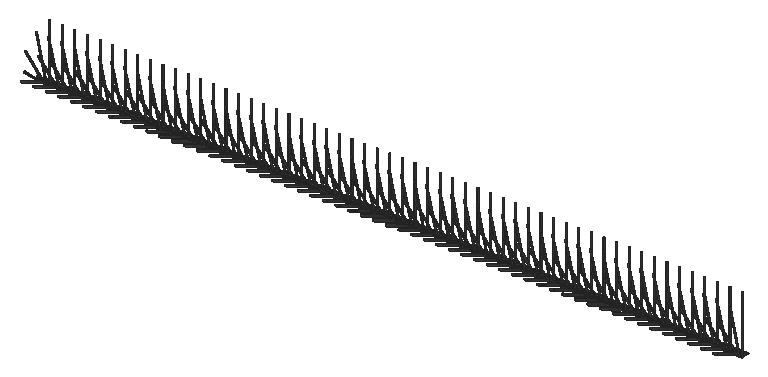
Revit family "Speciality_Equipment-Nixalite-Bird_Barrier_Strips_Model-H", category Specialty Equipment, host Face, Revit 2012
Parameters (values of type "4 Foot Strip")
  URL = "http://www.nixalite.com/default.aspx"
  Strip Material = Metal - Nixalite - Stainless Steel - Black
  Spike Material = Metal - Nixalite - Stainless Steel - Black
  Soft Tip Option = yes
  Product Page URL = "http://www.nixalite.com/nixalitemodels.aspx#Premium_Model_H"
  Product Documentation Link = "http://www.nixalite.com/PDFs/installingmodelhnixalite.pdf"
  Model = "H"
  Manufacturer = "Nixalite"
  Description = "Premium Bird Barrier Strips"
  Default Elevation = 4' - 0"
  Assembly Code = "E1090900"
  4 Foot Strip Visibility = not([2 Foot Strip Visibility])  # yes
  4 Foot Strip = 4' - 0"
  2 Foot Strip Visibility = no
  2 Foot Strip = 2' - 0"
Types (3): name | Product Page URL | Product Documentation Link | Model | 4 Foot Strip Visibility | 2 Foot Strip Visibility
  (no name) | "http://www.nixalite.com/nixalitemodels.aspx#Premium_Model_H" | "http://www.nixalite.com/PDFs/installingmodelhnixalite.pdf" | "H" | yes | no
  4 Foot Strip | "http://www.nixalite.com/nixalitemodels.aspx#Premium_Model_H" | "http://www.nixalite.com/PDFs/installingmodelhnixalite.pdf" | "H" | yes | no
  2 Foot Strip | "http://www.nixalite.com/nixalitemodels.aspx#Premium_Model_S" | "http://www.nixalite.com/PDFs/Nixalite%20Strip%20CSI.pdf" | "S" | no | yes
Reference planes (in)
  plane 1 "Center (Front/Back)": y = 0
  plane 2: z = 0
  plane 3 "Center (Left/Right)": x = 0
  plane 4: x = 24
  plane 5: x = -24
  plane 6: x = -22.28125
  plane 7: x = -12
  plane 8: x = 12
  plane 9: x = -23.14062
  plane 10: x = -22.28125
  plane 11: x = -21.42187
  plane 12: x = -20.5625
  plane 13: x = -19.70312
  plane 14: x = -18.84375
  plane 15: x = -17.98437
  plane 16: x = -17.125
  plane 17: x = -16.26562
  plane 18: x = -15.40625
  plane 19: x = -14.54687
  plane 20: x = -13.6875
  plane 21: x = -12.82813
  plane 22: x = -11.96875
  plane 23: x = -11.10938
  plane 24: x = -10.25
  plane 25: x = -9.39063
  plane 26: x = -8.53125
  plane 27: x = -7.67188
  plane 28: x = -6.8125
  plane 29: x = -5.95313
  plane 30: x = -5.09375
  plane 31: x = -4.23438
  plane 32: x = -3.375
  plane 33: x = -2.51563
  plane 34: x = -1.65625
  plane 35: x = -0.79688
  plane 36: x = 0.0625
  plane 37: x = 0.92187
  plane 38: x = 1.78125
  plane 39: x = 2.64062
  plane 40: x = 3.5
  plane 41: x = 4.35937
  plane 42: x = 5.21875
  plane 43: x = 6.07812
  plane 44: x = 6.9375
  plane 45: x = 7.79687
  plane 46: x = 8.65625
  plane 47: x = 9.51562
  plane 48: x = 10.375
  plane 49: x = 11.23437
  plane 50: x = 12.09375
  plane 51: x = 12.95312
  plane 52: x = 13.8125
  plane 53: x = 14.67187
  plane 54: x = 15.53125
  plane 55: x = 16.39062
  plane 56: x = 17.25
  plane 57: x = 18.10937
  plane 58: x = 18.96875
  plane 59: x = 19.82812
  plane 60: x = 20.6875
  plane 61: x = 21.54687
  plane 62: x = 22.40625
  plane 63: x = 23.26562
  plane 64: z = 0.06321
  plane 65: z = 0.09446
  plane 66: y = -0.15087
  plane 67: y = 0.15087
  plane 68: y = -2.04477
  plane 69: y = 0.23695
Forms (in)
  Extrusion 1, solid, material "Metal - Nixalite - Stainless Steel - Black" <- "Strip Material"
    sketch origin (0, 0, 0) x (0, 1, 0) y (0, 0, 1)
      loop
        line (0.15087, 0.09446) -> (-0.15087, 0.09446) -> (-0.15087, 0.06321) -> (0.15087, 0.06321) -> (0.15087, 0.09446)
    from -12 to 12
  Extrusion 2, solid, material "Metal - Nixalite - Stainless Steel - Black" <- "Strip Material", visible <- "4 Foot Strip Visibility"
    sketch origin (-21.25, 0.02101, 0) x (0, 1, 0) y (0, 0, 1)
      loop
        line (0.12986, 0.09446) -> (-0.17188, 0.09446) -> (-0.17188, 0.06321) -> (0.12986, 0.06321) -> (0.12986, 0.09446)
    from -2.75 to 9.25
  Extrusion 3, solid, material "Metal - Nixalite - Stainless Steel - Black" <- "Strip Material", visible <- "4 Foot Strip Visibility"
    sketch origin (21.25, 0.02101, 0) x (0, 1, 0) y (0, 0, -1)
      loop
        line (0.12986, -0.09446) -> (0.12986, -0.06321) -> (-0.17188, -0.06321) -> (-0.17188, -0.09446) -> (0.12986, -0.09446)
    from -2.75 to 9.25
Lines and regions (in)
  Masking region 1, visible <- "4 Foot Strip Visibility", detail levels medium+fine
    outline origin (0, 0, 0) x (1, 0, 0) y (0, 1, 0)
      loop
        line (24, 0.15087) -> (-24, 0.15087) -> (-24, -0.15087) -> (24, -0.15087) -> (24, 0.15087)
  Masking region 2, detail levels medium+fine
    outline origin (0, 0, 0) x (1, 0, 0) y (0, 1, 0)
      loop
        line (-12, 0.15087) -> (-12, -0.15087) -> (12, -0.15087) -> (12, 0.15087) -> (-12, 0.15087)
  Masking region 3, visible <- "4 Foot Strip Visibility", detail levels coarse
    outline origin (0, 0, 0) x (1, 0, 0) y (0, 1, 0)
      loop
        line (-24, 0.23695) -> (-24, -2.04477) -> (24, -2.04477) -> (24, 0.23695) -> (-24, 0.23695)
  Masking region 4, visible <- "2 Foot Strip Visibility", detail levels coarse
    outline origin (0, 0, 0) x (1, 0, 0) y (0, 1, 0)
      loop
        line (-12, 0.23695) -> (-12, -2.04477) -> (12, -2.04477) -> (12, 0.23695) -> (-12, 0.23695)
Dimensions and locks (in)
  "4 Foot Strip": plane 5 to plane 4
  equal spacing: plane 5, plane 3 "Center (Left/Right)", plane 4
  equal spacing: plane 7, plane 3 "Center (Left/Right)", plane 8
  "2 Foot Strip": plane 7 to plane 8
  plane 64 to plane 65 = 0' - 0 1/32"
  equal spacing: plane 67, plane 1 "Center (Front/Back)", plane 66
  plane 67 to plane 66 = 0' - 0.30174"
  aligned and locked: plane 2 to host face
  aligned and locked: level to host face
  aligned and locked: plane 5 to nested 1
  aligned and locked: plane 1 "Center (Front/Back)" to nested 2
  aligned and locked: nested 3 to plane 10
  aligned and locked: plane 1 "Center (Front/Back)" to nested 3
  aligned and locked: plane 1 "Center (Front/Back)" to nested 4
  aligned and locked: plane 1 "Center (Front/Back)" to nested 5
  aligned and locked: plane 1 "Center (Front/Back)" to nested 6
  aligned and locked: plane 1 "Center (Front/Back)" to nested 7
  aligned and locked: plane 1 "Center (Front/Back)" to nested 8
  aligned and locked: plane 1 "Center (Front/Back)" to nested 9
  aligned and locked: plane 1 "Center (Front/Back)" to nested 10
  aligned and locked: plane 1 "Center (Front/Back)" to nested 11
  aligned and locked: plane 1 "Center (Front/Back)" to nested 12
  aligned and locked: plane 1 "Center (Front/Back)" to nested 13
  aligned and locked: plane 1 "Center (Front/Back)" to nested 14
  aligned and locked: plane 1 "Center (Front/Back)" to nested 15
  aligned and locked: plane 1 "Center (Front/Back)" to nested 16
  aligned and locked: plane 1 "Center (Front/Back)" to nested 17
  aligned and locked: plane 1 "Center (Front/Back)" to nested 18
  aligned and locked: plane 1 "Center (Front/Back)" to nested 19
  aligned and locked: plane 1 "Center (Front/Back)" to nested 20
  aligned and locked: plane 1 "Center (Front/Back)" to nested 21
  aligned and locked: plane 1 "Center (Front/Back)" to nested 22
  aligned and locked: plane 1 "Center (Front/Back)" to nested 23
  aligned and locked: plane 1 "Center (Front/Back)" to nested 24
  aligned and locked: plane 1 "Center (Front/Back)" to nested 25
  aligned and locked: plane 1 "Center (Front/Back)" to nested 26
  aligned and locked: plane 1 "Center (Front/Back)" to nested 27
  aligned and locked: plane 1 "Center (Front/Back)" to nested 28
  aligned and locked: plane 1 "Center (Front/Back)" to nested 29
  aligned and locked: plane 1 "Center (Front/Back)" to nested 30
  aligned and locked: plane 1 "Center (Front/Back)" to nested 31
  aligned and locked: plane 1 "Center (Front/Back)" to nested 32
  aligned and locked: plane 1 "Center (Front/Back)" to nested 33
  aligned and locked: plane 1 "Center (Front/Back)" to nested 34
  aligned and locked: plane 1 "Center (Front/Back)" to nested 35
  aligned and locked: plane 1 "Center (Front/Back)" to nested 36
  aligned and locked: plane 1 "Center (Front/Back)" to nested 37
  aligned and locked: plane 1 "Center (Front/Back)" to nested 38
  aligned and locked: plane 1 "Center (Front/Back)" to nested 39
  aligned and locked: plane 1 "Center (Front/Back)" to nested 40
  aligned and locked: plane 1 "Center (Front/Back)" to nested 41
  aligned and locked: plane 1 "Center (Front/Back)" to nested 42
  aligned and locked: plane 1 "Center (Front/Back)" to nested 43
  aligned and locked: plane 1 "Center (Front/Back)" to nested 44
  aligned and locked: plane 1 "Center (Front/Back)" to nested 45
  aligned and locked: plane 1 "Center (Front/Back)" to nested 46
  aligned and locked: plane 1 "Center (Front/Back)" to nested 48
  aligned and locked: plane 1 "Center (Front/Back)" to nested 47
  aligned and locked: plane 1 "Center (Front/Back)" to nested 49
  aligned and locked: plane 1 "Center (Front/Back)" to nested 51
  aligned and locked: plane 1 "Center (Front/Back)" to nested 52
  aligned and locked: plane 1 "Center (Front/Back)" to nested 54
  aligned and locked: plane 1 "Center (Front/Back)" to nested 56
  aligned and locked: plane 1 "Center (Front/Back)" to nested 50
  aligned and locked: plane 1 "Center (Front/Back)" to nested 53
  aligned and locked: plane 1 "Center (Front/Back)" to nested 55
  aligned and locked: nested 2 to plane 9
  aligned and locked: nested 4 to plane 11
  aligned and locked: nested 5 to plane 12
  aligned and locked: nested 6 to plane 13
  aligned and locked: nested 7 to plane 14
  aligned and locked: nested 8 to plane 15
  aligned and locked: nested 9 to plane 16
  aligned and locked: nested 10 to plane 17
  aligned and locked: nested 11 to plane 18
  aligned and locked: nested 12 to plane 19
  aligned and locked: nested 13 to plane 20
  aligned and locked: nested 14 to plane 21
  aligned and locked: nested 15 to plane 22
  aligned and locked: nested 16 to plane 23
  aligned and locked: nested 17 to plane 24
  aligned and locked: nested 18 to plane 25
  aligned and locked: nested 19 to plane 26
  aligned and locked: nested 20 to plane 27
  aligned and locked: nested 21 to plane 28
  aligned and locked: nested 22 to plane 29
  aligned and locked: nested 23 to plane 30
  aligned and locked: nested 26 to plane 33
  aligned and locked: nested 27 to plane 34
  aligned and locked: nested 28 to plane 35
  aligned and locked: nested 30 to plane 37
  aligned and locked: nested 31 to plane 38
  aligned and locked: nested 32 to plane 39
  aligned and locked: nested 33 to plane 40
  aligned and locked: nested 34 to plane 41
  aligned and locked: nested 35 to plane 42
  aligned and locked: nested 36 to plane 43
  aligned and locked: nested 37 to plane 44
  aligned and locked: nested 39 to plane 46
  aligned and locked: nested 40 to plane 47
  aligned and locked: nested 41 to plane 48
  aligned and locked: nested 42 to plane 49
  aligned and locked: nested 43 to plane 50
  aligned and locked: nested 44 to plane 51
  aligned and locked: nested 45 to plane 52
  aligned and locked: nested 46 to plane 53
  aligned and locked: nested 47 to plane 54
  aligned and locked: nested 48 to plane 55
  aligned and locked: nested 49 to plane 56
  aligned and locked: nested 50 to plane 57
  aligned and locked: nested 52 to plane 59
  aligned and locked: nested 53 to plane 60
  aligned and locked: nested 54 to plane 61
  aligned and locked: nested 55 to plane 62
  aligned and locked: plane 67 to Extrusion 1 sketch curve
  aligned and locked: plane 65 to Extrusion 1 sketch curve
  aligned and locked: plane 64 to Extrusion 1 sketch curve
  aligned and locked: plane 66 to Extrusion 1 sketch curve
  aligned and locked: Extrusion 1 to plane 7
  aligned and locked: plane 8 to Extrusion 1
  aligned and locked: plane 66 to Extrusion 2
  aligned and locked: Extrusion 2 to plane 67
  aligned and locked: plane 7 to Extrusion 2
  aligned and locked: Extrusion 2 to plane 5
  aligned and locked: Extrusion 2 to plane 65
  aligned and locked: plane 64 to Extrusion 2
  aligned and locked: Extrusion 3 to plane 8
  aligned and locked: Extrusion 3 to plane 67
  aligned and locked: plane 66 to Extrusion 3
  aligned and locked: plane 4 to Extrusion 3
  aligned and locked: Extrusion 3 to plane 65
  aligned and locked: plane 64 to Extrusion 3
  aligned and locked: Masking region 1 sketch curve to plane 4
  aligned and locked: Masking region 1 sketch curve to plane 66
  aligned and locked: Masking region 1 sketch curve to plane 67
  aligned and locked: Masking region 1 sketch curve to plane 5
  aligned and locked: Masking region 2 sketch curve to plane 7
  aligned and locked: Masking region 2 sketch curve to plane 66
  aligned and locked: Masking region 2 sketch curve to plane 67
  aligned and locked: Masking region 2 sketch curve to plane 8
  aligned and locked: Masking region 3 sketch curve to plane 5
  aligned and locked: Masking region 3 sketch curve to plane 68
  aligned and locked: Masking region 3 sketch curve to plane 4
  aligned and locked: Masking region 4 sketch curve to plane 7
  aligned and locked: Masking region 4 sketch curve to plane 68
  aligned and locked: Masking region 4 sketch curve to plane 8
  aligned and locked: plane 69 to Masking region 3
  aligned and locked: plane 69 to Masking region 4
Automatic sketch dimensions
  host sketch curve to host sketch curve = 8' - 0"  (x2)
  plane 65 to Extrusion 2 sketch curve = 0' - 0"
  Extrusion 2 sketch curve to plane 66 = 0' - 0"
  plane 64 to Extrusion 2 sketch curve = 0' - 0"
  Extrusion 2 sketch curve to plane 67 = 0' - 0"
  Extrusion 3 sketch curve to plane 65 = 0' - 0"
  Extrusion 3 sketch curve to plane 66 = 0' - 0"
  plane 64 to Extrusion 3 sketch curve = 0' - 0"
  Extrusion 3 sketch curve to plane 67 = 0' - 0"
  plane 69 to Masking region 3 sketch curve = 0' - 0"
  plane 69 to Masking region 4 sketch curve = 0' - 0"
Nested families (in)
  nested 1: "Premium Bird Barrier Strips Model H Module" at (-24, 0, 0), visible <- "4 Foot Strip Visibility", type "Premium Bird Barrier Strips Model H Module"
  nested 2: "Premium Bird Barrier Strips Model H Module" at (-23.14063, 0, 0), visible <- "4 Foot Strip Visibility", type "Premium Bird Barrier Strips Model H Module"
  nested 3: "Premium Bird Barrier Strips Model H Module" at (-22.28125, 0, 0), visible <- "4 Foot Strip Visibility", type "Premium Bird Barrier Strips Model H Module"
  nested 4: "Premium Bird Barrier Strips Model H Module" at (-21.42188, 0, 0), visible <- "4 Foot Strip Visibility", type "Premium Bird Barrier Strips Model H Module"
  nested 5: "Premium Bird Barrier Strips Model H Module" at (-20.5625, 0, 0), visible <- "4 Foot Strip Visibility", type "Premium Bird Barrier Strips Model H Module"
  nested 6: "Premium Bird Barrier Strips Model H Module" at (-19.70313, 0, 0), visible <- "4 Foot Strip Visibility", type "Premium Bird Barrier Strips Model H Module"
  nested 7: "Premium Bird Barrier Strips Model H Module" at (-18.84375, 0, 0), visible <- "4 Foot Strip Visibility", type "Premium Bird Barrier Strips Model H Module"
  nested 8: "Premium Bird Barrier Strips Model H Module" at (-17.98438, 0, 0), visible <- "4 Foot Strip Visibility", type "Premium Bird Barrier Strips Model H Module"
  nested 9: "Premium Bird Barrier Strips Model H Module" at (-17.125, 0, 0), visible <- "4 Foot Strip Visibility", type "Premium Bird Barrier Strips Model H Module"
  nested 10: "Premium Bird Barrier Strips Model H Module" at (-16.26563, 0, 0), visible <- "4 Foot Strip Visibility", type "Premium Bird Barrier Strips Model H Module"
  nested 11: "Premium Bird Barrier Strips Model H Module" at (-15.40625, 0, 0), visible <- "4 Foot Strip Visibility", type "Premium Bird Barrier Strips Model H Module"
  nested 12: "Premium Bird Barrier Strips Model H Module" at (-14.54688, 0, 0), visible <- "4 Foot Strip Visibility", type "Premium Bird Barrier Strips Model H Module"
  nested 13: "Premium Bird Barrier Strips Model H Module" at (-13.6875, 0, 0), visible <- "4 Foot Strip Visibility", type "Premium Bird Barrier Strips Model H Module"
  nested 14: "Premium Bird Barrier Strips Model H Module" at (-12.82813, 0, 0), visible <- "4 Foot Strip Visibility", type "Premium Bird Barrier Strips Model H Module"
  nested 15: "Premium Bird Barrier Strips Model H Module" at (-11.96875, 0, 0), type "Premium Bird Barrier Strips Model H Module"
  nested 16: "Premium Bird Barrier Strips Model H Module" at (-11.10938, 0, 0), type "Premium Bird Barrier Strips Model H Module"
  nested 17: "Premium Bird Barrier Strips Model H Module" at (-10.25, 0, 0), type "Premium Bird Barrier Strips Model H Module"
  nested 18: "Premium Bird Barrier Strips Model H Module" at (-9.39063, 0, 0), type "Premium Bird Barrier Strips Model H Module"
  nested 19: "Premium Bird Barrier Strips Model H Module" at (-8.53125, 0, 0), type "Premium Bird Barrier Strips Model H Module"
  nested 20: "Premium Bird Barrier Strips Model H Module" at (-7.67188, 0, 0), type "Premium Bird Barrier Strips Model H Module"
  nested 21: "Premium Bird Barrier Strips Model H Module" at (-6.8125, 0, 0), type "Premium Bird Barrier Strips Model H Module"
  nested 22: "Premium Bird Barrier Strips Model H Module" at (-5.95313, 0, 0), type "Premium Bird Barrier Strips Model H Module"
  nested 23: "Premium Bird Barrier Strips Model H Module" at (-5.09375, 0, 0), type "Premium Bird Barrier Strips Model H Module"
  nested 24: "Premium Bird Barrier Strips Model H Module" at (-4.23438, 0, 0), type "Premium Bird Barrier Strips Model H Module"
  nested 25: "Premium Bird Barrier Strips Model H Module" at (-3.375, 0, 0), type "Premium Bird Barrier Strips Model H Module"
  nested 26: "Premium Bird Barrier Strips Model H Module" at (-2.51563, 0, 0), type "Premium Bird Barrier Strips Model H Module"
  nested 27: "Premium Bird Barrier Strips Model H Module" at (-1.65625, 0, 0), type "Premium Bird Barrier Strips Model H Module"
  nested 28: "Premium Bird Barrier Strips Model H Module" at (-0.79688, 0, 0), type "Premium Bird Barrier Strips Model H Module"
  nested 29: "Premium Bird Barrier Strips Model H Module" at (0.0625, 0, 0), type "Premium Bird Barrier Strips Model H Module"
  nested 30: "Premium Bird Barrier Strips Model H Module" at (0.92187, 0, 0), type "Premium Bird Barrier Strips Model H Module"
  nested 31: "Premium Bird Barrier Strips Model H Module" at (1.78125, 0, 0), type "Premium Bird Barrier Strips Model H Module"
  nested 32: "Premium Bird Barrier Strips Model H Module" at (2.64062, 0, 0), type "Premium Bird Barrier Strips Model H Module"
  nested 33: "Premium Bird Barrier Strips Model H Module" at (3.5, 0, 0), type "Premium Bird Barrier Strips Model H Module"
  nested 34: "Premium Bird Barrier Strips Model H Module" at (4.35937, 0, 0), type "Premium Bird Barrier Strips Model H Module"
  nested 35: "Premium Bird Barrier Strips Model H Module" at (5.21875, 0, 0), type "Premium Bird Barrier Strips Model H Module"
  nested 36: "Premium Bird Barrier Strips Model H Module" at (6.07812, 0, 0), type "Premium Bird Barrier Strips Model H Module"
  nested 37: "Premium Bird Barrier Strips Model H Module" at (6.9375, 0, 0), type "Premium Bird Barrier Strips Model H Module"
  nested 38: "Premium Bird Barrier Strips Model H Module" at (7.79687, 0, 0), type "Premium Bird Barrier Strips Model H Module"
  nested 39: "Premium Bird Barrier Strips Model H Module" at (8.65625, 0, 0), type "Premium Bird Barrier Strips Model H Module"
  nested 40: "Premium Bird Barrier Strips Model H Module" at (9.51562, 0, 0), type "Premium Bird Barrier Strips Model H Module"
  nested 41: "Premium Bird Barrier Strips Model H Module" at (10.375, 0, 0), type "Premium Bird Barrier Strips Model H Module"
  nested 42: "Premium Bird Barrier Strips Model H Module" at (11.23437, 0, 0), type "Premium Bird Barrier Strips Model H Module"
  nested 43: "Premium Bird Barrier Strips Model H Module" at (12.09375, 0, 0), visible <- "4 Foot Strip Visibility", type "Premium Bird Barrier Strips Model H Module"
  nested 44: "Premium Bird Barrier Strips Model H Module" at (12.95312, 0, 0), visible <- "4 Foot Strip Visibility", type "Premium Bird Barrier Strips Model H Module"
  nested 45: "Premium Bird Barrier Strips Model H Module" at (13.8125, 0, 0), visible <- "4 Foot Strip Visibility", type "Premium Bird Barrier Strips Model H Module"
  nested 46: "Premium Bird Barrier Strips Model H Module" at (14.67187, 0, 0), visible <- "4 Foot Strip Visibility", type "Premium Bird Barrier Strips Model H Module"
  nested 47: "Premium Bird Barrier Strips Model H Module" at (15.53125, 0, 0), visible <- "4 Foot Strip Visibility", type "Premium Bird Barrier Strips Model H Module"
  nested 48: "Premium Bird Barrier Strips Model H Module" at (16.39062, 0, 0), visible <- "4 Foot Strip Visibility", type "Premium Bird Barrier Strips Model H Module"
  nested 49: "Premium Bird Barrier Strips Model H Module" at (17.25, 0, 0), visible <- "4 Foot Strip Visibility", type "Premium Bird Barrier Strips Model H Module"
  nested 50: "Premium Bird Barrier Strips Model H Module" at (18.10937, 0, 0), visible <- "4 Foot Strip Visibility", type "Premium Bird Barrier Strips Model H Module"
  nested 51: "Premium Bird Barrier Strips Model H Module" at (18.96875, 0, 0), visible <- "4 Foot Strip Visibility", type "Premium Bird Barrier Strips Model H Module"
  nested 52: "Premium Bird Barrier Strips Model H Module" at (19.82812, 0, 0), visible <- "4 Foot Strip Visibility", type "Premium Bird Barrier Strips Model H Module"
  nested 53: "Premium Bird Barrier Strips Model H Module" at (20.6875, 0, 0), visible <- "4 Foot Strip Visibility", type "Premium Bird Barrier Strips Model H Module"
  nested 54: "Premium Bird Barrier Strips Model H Module" at (21.54687, 0, 0), visible <- "4 Foot Strip Visibility", type "Premium Bird Barrier Strips Model H Module"
  nested 55: "Premium Bird Barrier Strips Model H Module" at (22.40625, 0, 0), visible <- "4 Foot Strip Visibility", type "Premium Bird Barrier Strips Model H Module"
  nested 56: "Premium Bird Barrier Strips Model H Module" at (23.26562, 0, 0), visible <- "4 Foot Strip Visibility", type "Premium Bird Barrier Strips Model H Module"
Definition of nested family "Premium Bird Barrier Strips Model H Module"
  Parameters (values of type "Premium Bird Barrier Strips Model H Module")
    Width = 0' - 0 11/64"
    W = 0' - 0 1/4"
    Spike Material = Metal - Nixalite - Stainless Steel - Black
    Default Elevation = 4' - 0"
  Reference planes (in)
    plane 1 "Center (Front/Back)": y = 0
    plane 2: z = 0
    plane 3 "Center (Left/Right)": x = 0
    plane 4: y = 0.125
    plane 5: y = -0.125
    plane 6: z = 0.90295
    plane 7: z = 1.19797
    plane 8: z = 2.71687
    plane 9: z = 3.62745
    plane 10: z = 4.01301
    plane 11: x = 0.17188
    plane 12: x = 0.34375
    plane 13: x = 0.51563
    plane 14: x = 0.6875
    plane 15: y = 0
    plane 16: x = 0
    plane 17: x = 0.85938
    plane 18: z = 0
  Forms (in)
    Extrusion 1, solid
      sketch origin (0, 0, 0) x (1, 0, 0) y (0, 1, 0)
        loop
          line (-48, 48) -> (-48, -48) -> (48, -48) -> (48, 48) -> (-48, 48)
      from 0 to -12
    Sweep 2, solid, material "Metal - Nixalite - Stainless Steel - Black" <- "Spike Material"
      path in 3D
        loop
          line (0.03163, 0.22964, 0.06139) -> (0.03163, -0.20124, 0.06139) -> (0.03163, -1.47954, 1.19797)
      profile origin (0.03163, 0.0142, 0.06139) x (0, 0, -1) y (1, 0, 0)
        loop
          circle (0.03007, 0) r 0.03163
    Sweep 3, solid, material "Metal - Nixalite - Stainless Steel - Black" <- "Spike Material"
      path in 3D
        loop
          line (0.2035, 0.23695, 0.06139) -> (0.2035, -0.24444, 0.06139) -> (0.2035, -2.01832, 0.90295)
      profile origin (0.2035, -0.00375, 0.06139) x (0, 0, -1) y (1, 0, 0)
        loop
          circle (0.03007, 0) r 0.03163
    Sweep 4, solid, material "Metal - Nixalite - Stainless Steel - Black" <- "Spike Material"
      path in 3D
        loop
          line (0.37538, 0.23695, 0.06139) -> (0.37538, -0.22964, 0.06139) -> (0.37538, -1.82521, 2.71687)
      profile origin (0.37538, 0.00365, 0.06139) x (0, 0, -1) y (1, 0, 0)
        loop
          circle (0.03007, 0) r 0.03163
    Sweep 5, solid, material "Metal - Nixalite - Stainless Steel - Black" <- "Spike Material"
      path in 3D
        loop
          line (0.54725, 0.22964, 0.06139) -> (0.54725, -0.22964, 0.06139) -> (0.54725, -1.1249, 3.62745)
      profile origin (0.54725, 0, 0.06139) x (0, 0, -1) y (1, 0, 0)
        loop
          circle (0.03007, 0) r 0.03163
    Sweep 6, solid, material "Metal - Nixalite - Stainless Steel - Black" <- "Spike Material"
      path in 3D
        loop
          line (0.71913, 0.23695, 0.06139) -> (0.71913, -0.19742, 0.06139) -> (0.71913, -0.19742, 4.01301)
      profile origin (0.71913, 0.01977, 0.06139) x (0, 0, -1) y (1, 0, 0)
        loop
          circle (0.03007, 0) r 0.03163
  Lines and regions (in)
    Masking region 1, detail levels medium+fine
      outline origin (0, 0, 0) x (1, 0, 0) y (0, 1, 0)
        loop
          arc (0, -1.50301) -> (0.03139, -1.52186) -> (0.06279, -1.50301) r 0.03557
          line (0.06279, -1.50301) -> (0.06279, 0.23695) -> (0, 0.23695) -> (0, -1.50301)
        loop
          arc (0.17188, -2.03081) -> (0.2035, -2.04477) -> (0.23513, -2.03081) r 0.04281
          line (0.23513, -2.03081) -> (0.23513, 0.23695) -> (0.17188, 0.23695) -> (0.17188, -2.03081)
        loop
          arc (0.34375, -1.86674) -> (0.37538, -1.8807) -> (0.40701, -1.86674) r 0.04281
          line (0.40701, -1.86674) -> (0.40701, 0.23695) -> (0.34375, 0.23695) -> (0.34375, -1.86674)
        loop
          arc (0.51563, -1.16707) -> (0.54702, -1.18592) -> (0.57841, -1.16707) r 0.03557
          line (0.57841, -1.16707) -> (0.57841, 0.23695) -> (0.51563, 0.23695) -> (0.51563, -1.16707)
        loop
          line (0.74997, 0.23695) -> (0.68829, 0.23695) -> (0.68829, -0.24162)
          arc (0.68829, -0.24162) -> (0.71913, -0.25912) -> (0.74997, -0.24162) r 0.03593
          line (0.74997, -0.24162) -> (0.74997, 0.23695)
    sketch lines
      curve 1: line (0.03163, 0.22964, 0.06139) -> (0.03163, -0.20124, 0.06139)
      curve 2: line (0.03163, -1.47954, 1.19797) -> (0.03163, -0.20124, 0.06139)
      curve 3: line (0.2035, 0.23695, 0.06139) -> (0.2035, -0.24444, 0.06139)
      curve 4: line (0.2035, -0.24444, 0.06139) -> (0.2035, -2.01832, 0.90295)
      curve 5: line (0.37538, 0.23695, 0.06139) -> (0.37538, -0.22964, 0.06139)
      curve 6: line (0.37538, -1.82521, 2.71687) -> (0.37538, -0.22964, 0.06139)
      curve 7: line (0.54725, 0.22964, 0.06139) -> (0.54725, -0.22964, 0.06139)
      curve 8: line (0.54725, -1.1249, 3.62745) -> (0.54725, -0.22964, 0.06139)
      curve 9: line (0.71913, 0.23695, 0.06139) -> (0.71913, -0.19742, 0.06139)
      curve 10: line (0.71913, -0.19742, 0.06139) -> (0.71913, -0.19742, 4.01301)
  Dimensions and locks (in)
    equal spacing: plane 4, plane 1 "Center (Front/Back)", plane 5
    "W": plane 4 to plane 5
    "Width": plane 3 "Center (Left/Right)" to plane 11
    "Width": plane 11 to plane 12
    "Width": plane 12 to plane 13
    "Width": plane 13 to plane 14
    "Width": plane 14 to plane 17
    aligned and locked: plane 2 to Extrusion 1
    aligned and locked: level to Extrusion 1
    aligned and locked: plane 15 to plane 1 "Center (Front/Back)"
    aligned and locked: plane 3 "Center (Left/Right)" to plane 16
    aligned and locked: level to plane 18
  Automatic sketch dimensions
    Extrusion 1 sketch curve to Extrusion 1 sketch curve = 8' - 0"  (x2)
    Sweep 2 sketch curve to profile plane = 0' - 0"
    Sweep 2 sketch curve to profile plane = 0' - 0.03007"
    Sweep 3 sketch curve to profile plane = 0' - 0"
    Sweep 3 sketch curve to profile plane = 0' - 0.03007"
    Sweep 4 sketch curve to profile plane = 0' - 0"
    Sweep 4 sketch curve to profile plane = 0' - 0.03007"
    Sweep 5 sketch curve to profile plane = 0' - 0"
    Sweep 5 sketch curve to profile plane = 0' - 0.03007"
    Sweep 6 sketch curve to profile plane = 0' - 0"
    Sweep 6 sketch curve to profile plane = 0' - 0.03007"
    Masking region 1 sketch curve to plane 3 "Center (Left/Right)" = 0' - 0"
    Masking region 1 sketch curve to plane 11 = 0' - 0"
    Masking region 1 sketch curve to plane 12 = 0' - 0"
    Masking region 1 sketch curve to plane 13 = 0' - 0"
    plane 3 "Center (Left/Right)" to Masking region 1 sketch curve = 0' - 0.03139"
    Masking region 1 sketch curve to Masking region 1 sketch curve = 0' - 0.03139"  (x2)
    Masking region 1 sketch curve to plane 11 = 0' - 0.03163"
    Masking region 1 sketch curve to plane 11 = 0' - 0.06326"
    Masking region 1 sketch curve to plane 12 = 0' - 0.03163"
    Masking region 1 sketch curve to Masking region 1 sketch curve = 0' - 0.03163"
    Masking region 1 sketch curve to plane 13 = 0' - 0.03139"
    Masking region 1 sketch curve to plane 14 = 0' - 0.00079"
    Masking region 1 sketch curve to plane 14 = 0' - 0.03163"
    Masking region 1 sketch curve to plane 5 = 0' - 1.90581"
    Masking region 1 sketch curve to Masking region 1 sketch curve = 0' - 0.02885"  (x2)
    Masking region 1 sketch curve to Masking region 1 sketch curve = 0' - 0 21/128"
    Masking region 1 sketch curve to Masking region 1 sketch curve = 0' - 0.33488"
    Masking region 1 sketch curve to Masking region 1 sketch curve = 0' - 0.01673"  (x2)
    Masking region 1 sketch curve to Masking region 1 sketch curve = 0' - 0 43/128"
    Masking region 1 sketch curve to plane 5 = 0' - 0.11662"
    Masking region 1 sketch curve to Masking region 1 sketch curve = 0' - 0.01844"
    plane 4 to Masking region 1 sketch curve = 0' - 0.11195"  (x2)
    Masking region 1 sketch curve to Masking region 1 sketch curve = 0' - 0"  (x3)
    Masking region 1 sketch curve to Masking region 1 sketch curve = 0' - 0.06168"
    radius of Sweep 2 sketch curve = 0' - 0.03163"
    radius of Sweep 3 sketch curve = 0' - 0.03163"
    radius of Sweep 4 sketch curve = 0' - 0.03163"
    radius of Sweep 5 sketch curve = 0' - 0.03163"
    radius of Sweep 6 sketch curve = 0' - 0.03163"
